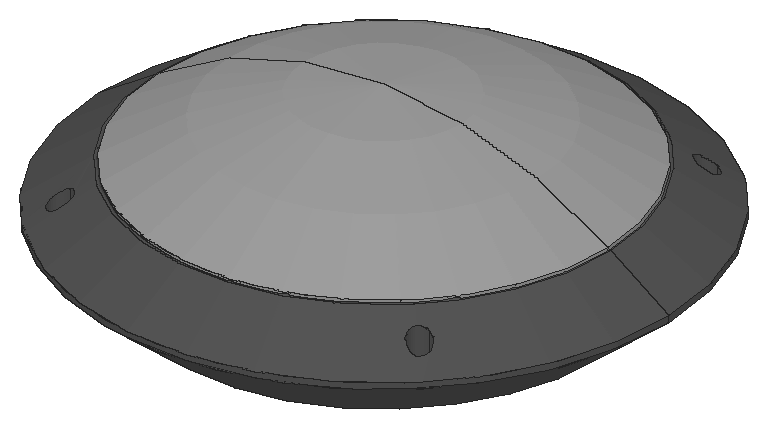
Revit family "0049289", category Lighting Fixtures, host Face, Revit 2017
Family settings
  Host = Face
  Round Connector Dimension = Use Diameter
  Part Type = Normal
  OmniClass Number = 23.80.70.00
  OmniClass Title = Lighting
  Cut with Voids When Loaded = No
  Light Source = Yes
  Shared = No
  Room Calculation Point = No
Parameters (values of type "0049289 START Surface IP66 1100lm 840 SD BLK")
  Weight = "4.68 kg"
  Wattage Comments = ""
  Wattage = 12 W
  WarrantyStartDate [instance] = "n/a"
  WarrantyGuarantorParts = "n/a"
  WarrantyDurationUnit = "n/a"
  WarrantyDurationParts = "n/a"
  WarrantyDescription = "n/a"
  built-in parameter 1150110 = 1 (stored number, unit not read)
  Voltage = 0 V
  URL = "http://www.sylvania-lighting.com"
  TypeName = "START Surface IP66 1100lm 840 IK10 SensorDim BLK"
  Type Image = <None>
  Type Comments = "n/a"
  built-in parameter 1114217 = 1 (stored number, unit not read)
  Tilt Angle = -90.00°
  built-in parameter 1150109 = 1 (stored number, unit not read)
  built-in parameter 1150134 = 12
  built-in parameter 1150113 = 1 (stored number, unit not read)
  SerialNumber [instance] = "n/a"
  Photometric Web File = "0049289.ies"
  Material_3_SYL = LED-Sylvania-StartSurfaceIP66
  PowerFactor = 0
  PowerConsumption = "12 W"
  NominalLength = 300 mm
  NominalHeight = 90 mm
  NominalDepth = 300 mm
  Name = "START Surface IP66 1100lm 840 IK10 SensorDim BLK"
  ModelReference = Name  # "START Surface IP66 1100lm 840 IK10 SensorDim BLK"
  ModelNumber = "0049289"
  Model = Name  # "START Surface IP66 1100lm 840 IK10 SensorDim BLK"
  Material = "pc polycarbonate housing, pc polycarbonate diffuser"
  ManufacturerName = "Feilo Sylvania"
  Manufacturer = "Feilo Sylvania"
  LuminousEfficacy = "92 lm/W"
  built-in parameter 1150105 = 87.854 (stored number, unit not read)
  Lumens = 1104 lm
  LuminaireType = ""
  built-in parameter 1150115 = 1 (stored number, unit not read)
  LightOutputRatio = "n/a"
  built-in parameter 1150137 = (empty or 0)
  built-in parameter 1150139 = (empty or 0)
  LampsType = Lamp  # "LED"
  LampNominalLuminous = "1100 lm"
  LampMacAdamStep = "n/a"
  LampColourTemperature = "4000 K"
  LampColourRenderingIndex = "80"
  built-in parameter 1150112 = 1 (stored number, unit not read)
  built-in parameter 1150114 = 1 (stored number, unit not read)
  Lamp = "LED"
  Keynote = "16500"
  InstallationDate [instance] = "n/a"
  InputVoltage = "220-240 V AC"
  InputNominalFrequency = "50/60 Hz"
  built-in parameter 1150132 = (empty or 0)
  built-in parameter 1150102 = (empty or 0)
  built-in parameter 1150107 = 4000 (stored number, unit not read)
  built-in parameter 1150138 = (empty or 0)
  IngressProtection = "IP66"
  ImpactProtectionIndex = "IK10"
  built-in parameter 1150106 = 0.87854 (stored number, unit not read)
  IfcExportType = "IfcLightFixtureType"
  IfcExportAs = "IfcLightFixtureType"
  HoleRad_SYL = 134 mm
  HoleHoleRad_SYL = 6 mm
  HoleAngle_SYL = 45.00°
  Eyelid_SYL [instance] = no
  ExpectedLife = 50000
  Emit from Circle Diameter = 200 mm
  Emit Shape Visible in Rendering = no
  ElectricShockClassification = "Class II"
  built-in parameter 1150104 = 8.5471 (stored number, unit not read)
  DurationUnit = "hours"
  DocumentationLiterature = "http://www.sylvania-lighting.com/product/en-int/products/0049289"
  DimmingControlOptions = "n/a"
  Material_2_SYL = Diffuser-Sylvania-StartSurfaceIP66
  Dimming Lamp Color Temperature Shift = <None>
  Description = "Sensor Dim LED exterior surface mounted luminaire, 1100lm, 12W power consumption, 92lm/W efficacy, 4000K color temperature, CRI80, IP66, IK10, 50,000 hours (L70), black housnig, vandal resistant"
  Default Elevation = 1219.2 mm
  CreatedOn = "7/17/2019"
  CreatedBy = "@sylvania-lighting.com"
  Cost = 0
  Color Filter = 16777215
  built-in parameter 1114216 [instance] = (empty or 0)
  ClassificationValue = "EF_70_80"
  ClassificationName = "Uniclass2015"
  Material_1_SYL = Body-Sylvania-StartSurfaceIP66-Black
  BarCode [instance] = "n/a"
  built-in parameter 1114218 = 1 (stored number, unit not read)
  built-in parameter 1150133 = 10 (stored number, unit not read)
  AssetType = "Fixed"
  AssetIdentifier [instance] = "n/a"
  Assembly Code = "D5020200"
  Apparent Load = 12 VA
Reference planes
  plane 1 "Center (Front/Back)": y = 0
  plane 2: z = 0
  plane 3 "Center (Left/Right)": x = 0
  plane 4: x = 150
  plane 5: x = -150
  plane 6: z = 90
  plane 7: z = 30
  plane 8: z = 54
  plane 9: x = -113
  plane 10: x = 113
  plane 11: x = -118
  plane 12: z = 33
  plane 13: z = 51
  plane 14: z = 87
  plane 15: z = 92
  plane 16: x = -148
  plane 17: y = -13
Forms (mm)
  Revolve 1, solid, material "Diffuser-Sylvania-StartSurfaceIP66" <- "Material_2_SYL"
    sketch origin (0, 0, 0) x (1, 0, 0) y (0, 0, 1)
      loop
        arc (0, 90) -> (-61.685, 80.8) -> (-118, 54) r 211.389
        line (-118, 54) -> (-118, 51) -> (-117.081, 51)
        arc (-117.081, 51) -> (-61.245, 77.797) -> (0, 87) r 208.389
        line (0, 87) -> (0, 90)
      axis (0, 90) -> (0, 51)
    angle from 360 to 0
  Revolve 2, solid, material "Body-Sylvania-StartSurfaceIP66-Black" <- "Material_1_SYL"
    sketch origin (0, 0, 0) x (1, 0, 0) y (0, 0, 1)
      loop
        line (0, 0) -> (0, 33) -> (-118, 33) -> (-118, 52.116)
        arc (-118, 52.116) -> (-118.529, 53.009) -> (-119.566, 52.973) r 1.017
        line (-119.566, 52.973) -> (-150, 33) -> (-150, 30) -> (-113, 0) -> (0, 0)
      axis (0, 52.973) -> (0, 0)
    angle from 360 to 0
  Extrusion 3, void
    sketch origin (-1534.635, -4572, 33) x (0, -1, 0) y (-1, 0, 0)
      loop
        circle (-4666.752, -1439.882) r 6
      loop
        circle (-4666.752, -1629.387) r 6
      loop
        circle (-4477.248, -1439.882) r 6
      loop
        circle (-4477.248, -1629.387) r 6
    from -18 to 0
  Revolve 4, solid, material "Body-Sylvania-StartSurfaceIP66-Black" <- "Material_1_SYL", visible <- "Eyelid_SYL"
    sketch origin (0, 0, 0) x (1, 0, 0) y (0, 0, 1)
      loop
        line (0, 90) -> (0, 92)
        arc (0, 92) -> (-79.423, 77.068) -> (-148, 34.313) r 218.694
        line (-148, 34.313) -> (-118, 54)
        arc (-118, 54) -> (-61.685, 80.8) -> (0, 90) r 211.389
      axis (0, 92) -> (0, 34.313)
    angle from 360 to 0
  Extrusion 5, void
    sketch origin (-1534.635, -4572, 33) x (0, -1, 0) y (-1, 0, 0)
      loop
        line (-4367.393, -1384.635) -> (-4559, -1384.635)
        arc (-4559, -1384.635) -> (-4572, -1534.635) -> (-4559, -1684.635) r 871.885
        line (-4559, -1684.635) -> (-4367.393, -1684.635) -> (-4367.393, -1384.635)
    from -82.978 to 19.568
Cuts and joins
  Extrusion 3 cuts Revolve 2
  Extrusion 3, Extrusion 5 cuts Revolve 4
Lines and regions (mm)
  reference lines
    curve 1: line (-150, 0, 33) -> (-118, 0, 54)
    curve 2: circle (0, 0, 0) r 134 normal (0, 0, 1)
    curve 3: line (0, 0, 0) -> (-94.752, 94.752, 0)
    curve 4: line (0, 0, 0) -> (94.752, 94.752, 0)
    curve 5: line (0, 0, 0) -> (-94.752, -94.752, 0)
    curve 6: line (0, 0, 0) -> (94.752, -94.752, 0)
Dimensions and locks
  locked: plane 6 to plane 2 at 90
  plane 8 to plane 7 to plane 2 = 24 mm locked, 30 mm locked
  equal spacing: plane 4, plane 3 "Center (Left/Right)", plane 5
  locked: plane 4 to plane 5 at 300
  equal spacing: plane 10, plane 3 "Center (Left/Right)", plane 9
  locked: plane 9 to plane 5 at 37
  locked: plane 9 to plane 11 at 5
  locked: plane 12 to plane 7 at 3
  locked: plane 8 to plane 13 at 3
  locked: plane 6 to plane 14 at 3
  locked: plane 15 to plane 6 at 2
  locked: plane 16 to plane 5 at 2
  locked: plane 17 to plane 1 "Center (Front/Back)" at 13
  "HoleRad_SYL": radius of curve 2
  "HoleHoleRad_SYL": radius of Extrusion 3 sketch curve  (x4)
  "HoleAngle_SYL": angle curve 3 to plane 1 "Center (Front/Back)"
  "HoleAngle_SYL": angle plane 1 "Center (Front/Back)" to curve 4
  "HoleAngle_SYL": angle plane 1 "Center (Front/Back)" to curve 5
  "HoleAngle_SYL": angle curve 6 to plane 1 "Center (Front/Back)"
  aligned and locked: plane 2 to host face
  aligned and locked: level to host face
  aligned and locked: plane 5 to curve 1
  aligned and locked: plane 11 to curve 1
  aligned and locked: Revolve 1 sketch curve to plane 3 "Center (Left/Right)"
  aligned and locked: curve 1 to Revolve 1 sketch curve
  aligned and locked: plane 6 to Revolve 1 sketch curve
  aligned and locked: plane 3 "Center (Left/Right)" to Revolve 1 sketch curve  (x2)
  aligned and locked: plane 11 to Revolve 1 sketch curve  (x2)
  aligned and locked: plane 13 to Revolve 1 sketch curve  (x2)
  aligned and locked: plane 14 to Revolve 1 sketch curve
  aligned and locked: Revolve 2 sketch curve to plane 3 "Center (Left/Right)"  (x2)
  aligned and locked: level to Revolve 2 sketch curve
  aligned and locked: plane 5 to Revolve 2 sketch curve
  aligned and locked: Revolve 2 sketch curve to curve 1
  aligned and locked: plane 3 "Center (Left/Right)" to curve 3
  aligned and locked: plane 13 to Extrusion 3
  aligned and locked: Extrusion 3 to plane 12
  aligned and locked: Revolve 2 sketch curve to plane 12
  aligned and locked: Revolve 4 sketch curve to plane 3 "Center (Left/Right)"  (x2)
  aligned and locked: Revolve 1 to Revolve 4 sketch curve
  aligned and locked: Revolve 4 sketch curve to curve 1
  aligned and locked: plane 11 to Revolve 4 sketch curve
  aligned and locked: plane 16 to Revolve 4 sketch curve
  aligned and locked: plane 15 to Revolve 4 sketch curve
  aligned and locked: plane 4 to Extrusion 5
  aligned and locked: Extrusion 5 to plane 5
  aligned and locked: plane 3 "Center (Left/Right)" to imposter light
  aligned and locked: imposter light to plane 1 "Center (Front/Back)"
  aligned and locked: plane 8 to imposter light
Automatic sketch dimensions
  host sketch curve to host sketch curve = 600 mm  (x2)
  curve 1 to plane 8 = 0 mm
  curve 1 to plane 12 = 0 mm
  Revolve 1 sketch curve to Revolve 1 sketch curve = 0 mm
  Revolve 1 sketch curve to Revolve 1 sketch curve = 488.211 mm
  Revolve 1 sketch curve to Revolve 1 sketch curve = 2519.058 mm
  plane 1 "Center (Front/Back)" to curve 2 = 0 mm
  curve 2 to plane 3 "Center (Left/Right)" = 0 mm
  plane 1 "Center (Front/Back)" to curve 4 = 0 mm
  Extrusion 3 sketch curve to plane 10 = 18.248 mm  (x2)
  Extrusion 3 sketch curve to plane 1 "Center (Front/Back)" = 94.752 mm  (x2)
  plane 9 to Extrusion 3 sketch curve = 18.248 mm  (x2)
  plane 1 "Center (Front/Back)" to Extrusion 3 sketch curve = 94.752 mm  (x2)
  Revolve 2 sketch curve to plane 9 = 0 mm
  Revolve 2 sketch curve to plane 7 = 0 mm
  Revolve 2 sketch curve to plane 8 = 1.027 mm
  Revolve 2 sketch curve to Revolve 2 sketch curve = 0.549 mm
  Revolve 2 sketch curve to level = 609.6 mm
  plane 6 to Revolve 2 sketch curve = 2519.058 mm
  Revolve 2 sketch curve to plane 11 = 0 mm
  Revolve 4 sketch curve to plane 6 = 0 mm
  Revolve 4 sketch curve to Revolve 4 sketch curve = 482.906 mm
  Revolve 4 sketch curve to Revolve 4 sketch curve = 2517.058 mm
  Extrusion 5 sketch curve to plane 5 = 0 mm
  Extrusion 5 sketch curve to plane 4 = 0 mm
  plane 17 to Extrusion 5 sketch curve = 191.607 mm
  Extrusion 5 sketch curve to Extrusion 5 sketch curve = 667.277 mm
  plane 17 to Extrusion 5 sketch curve = 0 mm  (x2)
Connectors
  electrical at (0, 0, 0), driven by "Apparent Load", driven by "PowerFactor", driven by "Voltage"
    settings: index 1, voltage 0 V, apparent load 12 VA, apparent load phase1 0 VA, apparent load phase2 0 VA, apparent load phase3 0 VA, power factor 0, load classification "Lighting", number of poles 1, system type 30, power factor state 1, is connector primary yes, connector utility no, sub classification motor no, connector description ""
